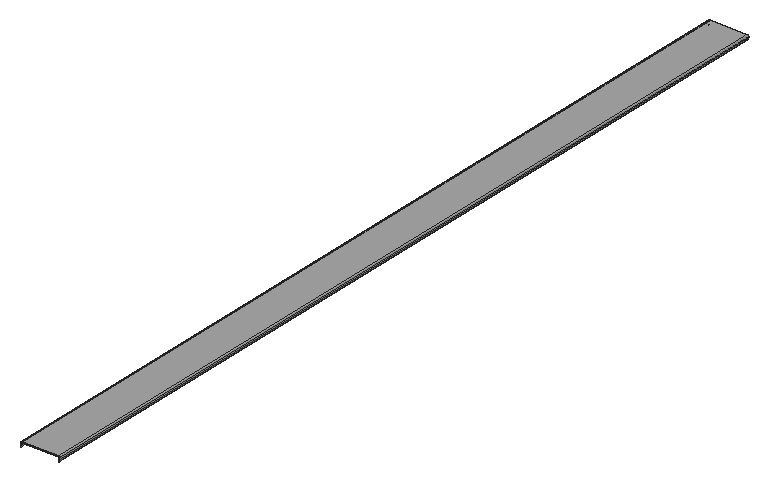
Revit family "Specialty_Equipment-Metal_Raceway-Hubbell_Wiring-Cover-HBL3000C075", category Specialty Equipment, host Face, Revit 2015
Parameters (values of type "HBL3000C075GY")
  URL = "http://www.hubbell-wiring.com/"
  Product data url = "https://bimobject.com/hubbellwiring/product/hubbell-metal-raceway-hbl3000"
  Product Page URL = "http://ecatalog.hubbell-wiring.com/ProductInformation/ViewCatalog.aspx?Dest=hubbell-wiring.com/press/catalog/r.pdf"
  Product Documentation Link = "http://www.hubbell-wiring.com/press/pdfs/h5233r08.pdf"
  Number of segments [instance] = roundup(Length / 7.50")  # 8
  Model = "HBL3000C075GY"
  Manufacturer = "Hubbell Wiring Device Kellems"  # constant formula
  Length Note [instance] = "Available in 10 foot Segments"  # constant formula
  Length [instance] = 60.00"
  Host Note = "Add in Section View; Host to Wall"  # constant formula
  Description = "Precut Cover"  # constant formula
  Default Elevation = 48.00"
  Cable Tray Material = Metal-Hubbell-Gray
  B = 2.75"
  Assembly Code = "D5090900"
Types (3): name | Model | Cable Tray Material
  (no name) | "HBL3000C075IV" | Metal-Hubbell-Ivory
  HBL3000C075IV | "HBL3000C075IV" | Metal-Hubbell-Ivory
  HBL3000C075GY | "HBL3000C075GY" | Metal-Hubbell-Gray
Reference planes (in)
  plane 1 "Center (Front/Back)": y = 0
  plane 2: z = 0
  plane 3 "Center (Left/Right)": x = 0
  plane 4: y = 30
  plane 5: z = 1.47
  plane 6: x = -1.375
  plane 7: x = 1.375
  plane 8: y = -30
Forms (in)
  Extrusion 1, solid, material "Metal-Hubbell-Gray" <- "Cable Tray Material"
    sketch origin (0, 0, -0.03667) x (1, 0, 0) y (0, 0, 1)
      loop
        arc (1.33833, 1.31427) -> (1.3321, 1.2611) -> (1.31373, 1.21082) r 0.22983
        arc (1.31373, 1.21082) -> (1.3113, 1.18214) -> (1.34009, 1.18239) r 0.01947
        arc (1.34009, 1.18239) -> (1.36612, 1.24606) -> (1.375, 1.31427) r 0.2665
        line (1.375, 1.31427) -> (1.375, 1.4116)
        arc (1.375, 1.4116) -> (1.34715, 1.47882) -> (1.27993, 1.50667) r 0.09507
        line (1.27993, 1.50667) -> (-1.27993, 1.50667)
        arc (-1.27993, 1.50667) -> (-1.34715, 1.47882) -> (-1.375, 1.4116) r 0.09507
        line (-1.375, 1.4116) -> (-1.375, 1.31427)
        arc (-1.375, 1.31427) -> (-1.36603, 1.25985) -> (-1.34009, 1.21119) r 0.1696
        arc (-1.34009, 1.21119) -> (-1.31602, 1.20691) -> (-1.30829, 1.2301) r 0.01869
        arc (-1.30829, 1.2301) -> (-1.3306, 1.26959) -> (-1.33833, 1.31427) r 0.13293
        line (-1.33833, 1.31427) -> (-1.33833, 1.4116)
        arc (-1.33833, 1.4116) -> (-1.32123, 1.4529) -> (-1.27993, 1.47) r 0.0584
        line (-1.27993, 1.47) -> (1.27993, 1.47)
        arc (1.27993, 1.47) -> (1.32123, 1.4529) -> (1.33833, 1.4116) r 0.0584
        line (1.33833, 1.4116) -> (1.33833, 1.31427)
    from -30 to 30
Lines and regions (in)
  symbolic lines
    curve 1: line (-1.375, -30, 0) -> (1.375, -30, 0)
    curve 2: line (-1.375, 30, 0) -> (-1.375, -30, 0)
    curve 3: line (1.375, -30, 0) -> (1.375, 30, 0)
    curve 4: line (-1.375, 30, 0) -> (1.375, 30, 0)
    curve 5: line (0, 30, 1.14572) -> (0, 30, 1.47)
    curve 6: line (0, 30, 1.14572) -> (0, -30, 1.14572)
    curve 7: line (0, 30, 1.47) -> (0, -30, 1.47)
    curve 8: line (0, -30, 1.47) -> (0, -30, 1.14572)
    curve 9: line (1.33833, 0, 1.2776) -> (1.33833, 0, 1.37493)
    curve 10: arc (1.33833, 0, 1.37493) -> (1.32123, 0, 1.41623) -> (1.27993, 0, 1.43333) r 0.0584
    curve 11: line (1.27993, 0, 1.43333) -> (-1.27993, 0, 1.43333)
    curve 12: arc (-1.27993, 0, 1.43333) -> (-1.32123, 0, 1.41623) -> (-1.33833, 0, 1.37493) r 0.0584
    curve 13: line (-1.33833, 0, 1.37493) -> (-1.33833, 0, 1.2776)
    curve 14: arc (-1.33833, 0, 1.2776) -> (-1.3306, 0, 1.23292) -> (-1.30829, 0, 1.19343) r 0.13293
    curve 15: arc (-1.30829, 0, 1.19343) -> (-1.31602, 0, 1.17024) -> (-1.34009, 0, 1.17452) r 0.01869
    curve 16: arc (-1.34009, 0, 1.17452) -> (-1.36603, 0, 1.22318) -> (-1.375, 0, 1.2776) r 0.1696
    curve 17: line (-1.375, 0, 1.2776) -> (-1.375, 0, 1.37493)
    curve 18: arc (-1.375, 0, 1.37493) -> (-1.34715, 0, 1.44215) -> (-1.27993, 0, 1.47) r 0.09507
    curve 19: line (-1.27993, 0, 1.47) -> (1.27993, 0, 1.47)
    curve 20: arc (1.27993, 0, 1.47) -> (1.34715, 0, 1.44215) -> (1.375, 0, 1.37493) r 0.09507
    curve 21: line (1.375, 0, 1.37493) -> (1.375, 0, 1.2776)
    curve 22: arc (1.375, 0, 1.2776) -> (1.36612, 0, 1.20939) -> (1.34009, 0, 1.14572) r 0.2665
    curve 23: arc (1.34009, 0, 1.14572) -> (1.3113, 0, 1.14547) -> (1.31373, 0, 1.17415) r 0.01947
    curve 24: arc (1.31373, 0, 1.17415) -> (1.3321, 0, 1.22443) -> (1.33833, 0, 1.2776) r 0.22983
Dimensions and locks (in)
  plane 5 to host face = 1.47"
  equal spacing: plane 6, plane 3 "Center (Left/Right)", plane 7
  equal spacing: plane 4, plane 1 "Center (Front/Back)", plane 8
  "B": plane 6 to plane 7
  "Length": plane 4 to plane 8
  locked: plane 5 to plane 2 at 1.47
  plane 4 to plane 8 = 60.00"
  aligned and locked: plane 2 to host face
  aligned and locked: level to host face
  aligned and locked: curve 4 to plane 4
  aligned and locked: curve 1 to plane 8
  aligned and locked: plane 4 to Extrusion 1
  aligned and locked: Extrusion 1 to plane 8
  aligned and locked: plane 8 to curve 8
  aligned and locked: plane 8 to Extrusion 1
  aligned and locked: Extrusion 1 to plane 4
  aligned and locked: plane 7 to curve 3
  aligned and locked: plane 6 to curve 2
  aligned and locked: plane 5 to Extrusion 1
  aligned and locked: plane 6 to Extrusion 1
  aligned and locked: plane 7 to Extrusion 1
  aligned and locked: curve 10 to Extrusion 1
  aligned and locked: curve 12 to Extrusion 1
  aligned and locked: curve 14 to Extrusion 1
  aligned and locked: curve 15 to Extrusion 1
  aligned and locked: curve 16 to Extrusion 1
  aligned and locked: curve 18 to Extrusion 1
  aligned and locked: curve 20 to Extrusion 1
  aligned and locked: curve 22 to Extrusion 1
  aligned and locked: curve 23 to Extrusion 1
  aligned and locked: curve 24 to Extrusion 1
  aligned and locked: curve 7 to plane 5
  aligned and locked: plane 4 to curve 5
  aligned and locked: curve 6 to Extrusion 1
Automatic sketch dimensions
  host sketch curve to host sketch curve = 96.00"  (x2)
  Extrusion 1 sketch curve to Extrusion 1 sketch curve = 0.00"  (x8)
  Extrusion 1 sketch curve to plane 6 = 0.00"
  Extrusion 1 sketch curve to plane 5 = 0.03667"
  plane 7 to Extrusion 1 sketch curve = 0.00"
  Extrusion 1 sketch curve to plane 6 = 0.03491"
  Extrusion 1 sketch curve to plane 6 = 0.03667"
  Extrusion 1 sketch curve to Extrusion 1 sketch curve = 0.01451"  (x2)
  Extrusion 1 sketch curve to Extrusion 1 sketch curve = 0.01728"
  Extrusion 1 sketch curve to plane 6 = 0.09507"
  Extrusion 1 sketch curve to Extrusion 1 sketch curve = 0.07453"
  Extrusion 1 sketch curve to plane 5 = 0.1924"
  Extrusion 1 sketch curve to Extrusion 1 sketch curve = 0.22983"
  Extrusion 1 sketch curve to Extrusion 1 sketch curve = 0.0584"
  Extrusion 1 sketch curve to plane 7 = 0.06127"
  Extrusion 1 sketch curve to Extrusion 1 sketch curve = 0.01184"
  Extrusion 1 sketch curve to Extrusion 1 sketch curve = 0.20041"
